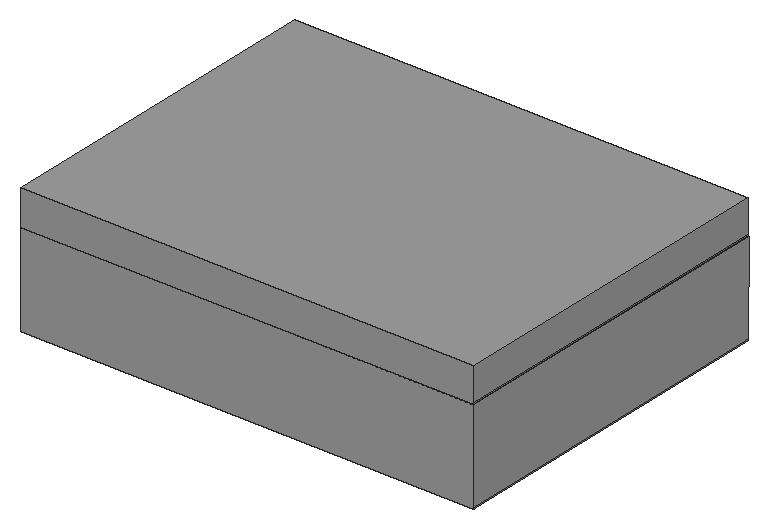
Revit family "Maxlogic Coffrets de téléphone de pompier(4 combinés)", category Fire Alarm Devices, host Face, Revit 2021
Family settings
  Host = Face
  Maintain Annotation Orientation = Yes
  Round Connector Dimension = Use Diameter
  Part Type = Normal
  OmniClass Number = 23.85.30.21
  OmniClass Title = Environmental Detection/Registration
  Cut with Voids When Loaded = No
  Shared = No
  Room Calculation Point = No
Parameters (values of type "Maxlogic Coffrets de téléphone de pompier (4 combinés)")
  Poids = ""
  Boîtier de montage en surface étanche = ""
  Unité de durée de garantie = "Ans"
  Durée de la garantie réservé = "2"
  Durée de la garantie Travail = "2"
  Version = ""
  URL = "https://www.mavili.com.tr/"
  Socle montage de Surlévé = ""
  Numéro de pose des travaux publics = ""
  protection de Classe = ""
  Code de Produit = "ML-5014"
  Numèro de Téléphone = "(+)90 216 466 45 05"
  Voltage de fonctionnement (default) = ""
  voltage fonction d'opération = ""
  Tempèrature de Fonctionnement = "(-10°C) - (+55°C)"
  Largeur Nominale = "111 mm"
  Longeur Nominale = "400 mm"
  Hauteur Nominale = "300 mm"
  Surface de Montage = "Montage à Mur"
  Hauteur de Montage = ""
  Model = "Maxlogic"
  Manufacturer = "Mavili Elektronik Ticaret A.Ş."
  Manuel d'installation = "https://mavilielektronik.com/Revit/ML501X_kk.pdf"
  Sortie d'indicateur = ""
  Téléphone portable de pompier = "ML-5013"
  Numèro de Fax = "(+)90 216 466 45 10"
  Alimentation d'externe = ""
  E-Poste = "mavili@mavili.com.tr"
  Avertissement = ""
  Charger adresse d'appareil = ""
  Description = "Coffrets de téléphone de pompier (4 combinés)"
  Default Elevation = 0 mm
  Current de Consommation = ""
  Coût Unité = ""
  Cost = 0
  Socles Compatible = ""
  Couleur = "Rouge"
  Code de  Performance = ""
  Matériel Principe = "Mètale Rouge"
  Deuxime Matèriel = "Mètale Grise"
  Batterie = ""
  Adresse ligne 1 = "Şerifali Mahallesi Kutup Sokak No:27/1-2-4 Ümraniye TR-34775 İSTANBUL"
Reference planes
  plane 1 "Center (Front/Back)": y = 0
  plane 2: z = 0
  plane 3 "Center (Left/Right)": x = 0
Forms (mm)
  Extrusion 1, solid, material "Kırmızı"
    sketch origin (-210, -150, 148.173) x (1, 0, 0) y (0, 0, -1)
      loop
        line (42.905, 67.3) -> (434.905, 67.3) -> (434.905, 146.904)
        arc (434.905, 146.904) -> (434.545, 147.715) -> (433.785, 148.173) r 1.476
        line (433.785, 148.173) -> (44.505, 148.173)
        arc (44.505, 148.173) -> (43.374, 147.704) -> (42.905, 146.573) r 1.6
        line (42.905, 146.573) -> (42.905, 67.3)
    from 0 to 300
  Extrusion 2, void
    sketch origin (-167.095, -150, 70.872) x (0, 0, 1) y (0, -1, 0)
      loop
        arc (-69.27, -296) -> (-70.403, -295.532) -> (-70.872, -294.4) r 1.6
        line (-70.872, -294.4) -> (-70.872, -300) -> (10, -300) -> (10, -296) -> (-69.27, -296)
    from 0 to 392
  Extrusion 3, void
    sketch origin (-167.095, 146, 25.472) x (0, 0, -1) y (1, 0, 0)
      loop
        line (-13.523, 66.9) -> (-13.523, 68.054)
        arc (-13.523, 68.054) -> (-15, 68.144) -> (-16.477, 68.054) r 12.144
        line (-16.477, 68.054) -> (-16.477, 66.9)
        arc (-16.477, 66.9) -> (-26, 56.025) -> (-16.527, 45.106) r 11
        line (-16.527, 45.106) -> (-16.527, 43.952)
        arc (-16.527, 43.952) -> (-15, 43.856) -> (-13.473, 43.952) r 12.144
        line (-13.473, 43.952) -> (-13.473, 45.106)
        arc (-13.473, 45.106) -> (-4, 56.025) -> (-13.523, 66.9) r 11
    from 0 to 1
  Extrusion 4, void
    sketch origin (-127.095, 146, 25.472) x (0, 0, -1) y (1, 0, 0)
      loop
        line (-13.523, 66.9) -> (-13.523, 68.054)
        arc (-13.523, 68.054) -> (-15, 68.144) -> (-16.477, 68.054) r 12.144
        line (-16.477, 68.054) -> (-16.477, 66.9)
        arc (-16.477, 66.9) -> (-26, 56.025) -> (-16.527, 45.106) r 11
        line (-16.527, 45.106) -> (-16.527, 43.952)
        arc (-16.527, 43.952) -> (-15, 43.856) -> (-13.473, 43.952) r 12.144
        line (-13.473, 43.952) -> (-13.473, 45.106)
        arc (-13.473, 45.106) -> (-4, 56.025) -> (-13.523, 66.9) r 11
    from 0 to 1
  Extrusion 5, void
    sketch origin (-87.095, 146, 25.472) x (0, 0, -1) y (1, 0, 0)
      loop
        line (-13.523, 66.9) -> (-13.523, 68.054)
        arc (-13.523, 68.054) -> (-15, 68.144) -> (-16.477, 68.054) r 12.144
        line (-16.477, 68.054) -> (-16.477, 66.9)
        arc (-16.477, 66.9) -> (-26, 56.025) -> (-16.527, 45.106) r 11
        line (-16.527, 45.106) -> (-16.527, 43.952)
        arc (-16.527, 43.952) -> (-15, 43.856) -> (-13.473, 43.952) r 12.144
        line (-13.473, 43.952) -> (-13.473, 45.106)
        arc (-13.473, 45.106) -> (-4, 56.025) -> (-13.523, 66.9) r 11
    from 0 to 1
  Extrusion 6, void
    sketch origin (-47.095, 146, 25.472) x (0, 0, -1) y (1, 0, 0)
      loop
        line (-13.523, 66.9) -> (-13.523, 68.054)
        arc (-13.523, 68.054) -> (-15, 68.144) -> (-16.477, 68.054) r 12.144
        line (-16.477, 68.054) -> (-16.477, 66.9)
        arc (-16.477, 66.9) -> (-26, 56.025) -> (-16.527, 45.106) r 11
        line (-16.527, 45.106) -> (-16.527, 43.952)
        arc (-16.527, 43.952) -> (-15, 43.856) -> (-13.473, 43.952) r 12.144
        line (-13.473, 43.952) -> (-13.473, 45.106)
        arc (-13.473, 45.106) -> (-4, 56.025) -> (-13.523, 66.9) r 11
    from 0 to 1
  Extrusion 7, void
    sketch origin (-7.095, 146, 25.472) x (0, 0, -1) y (1, 0, 0)
      loop
        line (-13.523, 66.9) -> (-13.523, 68.054)
        arc (-13.523, 68.054) -> (-15, 68.144) -> (-16.477, 68.054) r 12.144
        line (-16.477, 68.054) -> (-16.477, 66.9)
        arc (-16.477, 66.9) -> (-26, 56.025) -> (-16.527, 45.106) r 11
        line (-16.527, 45.106) -> (-16.527, 43.952)
        arc (-16.527, 43.952) -> (-15, 43.856) -> (-13.473, 43.952) r 12.144
        line (-13.473, 43.952) -> (-13.473, 45.106)
        arc (-13.473, 45.106) -> (-4, 56.025) -> (-13.523, 66.9) r 11
    from 0 to 1
  Extrusion 8, void
    sketch origin (32.905, 146, 25.472) x (0, 0, -1) y (1, 0, 0)
      loop
        line (-13.523, 66.9) -> (-13.523, 68.054)
        arc (-13.523, 68.054) -> (-15, 68.144) -> (-16.477, 68.054) r 12.144
        line (-16.477, 68.054) -> (-16.477, 66.9)
        arc (-16.477, 66.9) -> (-26, 56.025) -> (-16.527, 45.106) r 11
        line (-16.527, 45.106) -> (-16.527, 43.952)
        arc (-16.527, 43.952) -> (-15, 43.856) -> (-13.473, 43.952) r 12.144
        line (-13.473, 43.952) -> (-13.473, 45.106)
        arc (-13.473, 45.106) -> (-4, 56.025) -> (-13.523, 66.9) r 11
    from 0 to 1
  Extrusion 9, void
    sketch origin (72.905, 146, 25.472) x (0, 0, -1) y (1, 0, 0)
      loop
        line (-13.523, 66.9) -> (-13.523, 68.054)
        arc (-13.523, 68.054) -> (-15, 68.144) -> (-16.477, 68.054) r 12.144
        line (-16.477, 68.054) -> (-16.477, 66.9)
        arc (-16.477, 66.9) -> (-26, 56.025) -> (-16.527, 45.106) r 11
        line (-16.527, 45.106) -> (-16.527, 43.952)
        arc (-16.527, 43.952) -> (-15, 43.856) -> (-13.473, 43.952) r 12.144
        line (-13.473, 43.952) -> (-13.473, 45.106)
        arc (-13.473, 45.106) -> (-4, 56.025) -> (-13.523, 66.9) r 11
    from 0 to 1
  Extrusion 10, void
    sketch origin (112.905, 146, 25.472) x (0, 0, -1) y (1, 0, 0)
      loop
        line (-13.523, 66.9) -> (-13.523, 68.054)
        arc (-13.523, 68.054) -> (-15, 68.144) -> (-16.477, 68.054) r 12.144
        line (-16.477, 68.054) -> (-16.477, 66.9)
        arc (-16.477, 66.9) -> (-26, 56.025) -> (-16.527, 45.106) r 11
        line (-16.527, 45.106) -> (-16.527, 43.952)
        arc (-16.527, 43.952) -> (-15, 43.856) -> (-13.473, 43.952) r 12.144
        line (-13.473, 43.952) -> (-13.473, 45.106)
        arc (-13.473, 45.106) -> (-4, 56.025) -> (-13.523, 66.9) r 11
    from 0 to 1
  Extrusion 11, solid, material "Kırmızı"
    sketch origin (-210, -150, 229.045) x (1, 0, 0) y (0, 0, -1)
      loop
        line (42.905, 118.173) -> (434.905, 118.173) -> (434.905, 146.904)
        arc (434.905, 146.904) -> (434.545, 147.715) -> (433.785, 148.173) r 1.476
        line (433.785, 148.173) -> (44.505, 148.173)
        arc (44.505, 148.173) -> (43.374, 147.704) -> (42.905, 146.573) r 1.6
        line (42.905, 146.573) -> (42.905, 118.173)
    from 0 to 296
Cuts and joins
  Extrusion 2, Extrusion 3, Extrusion 4, Extrusion 5, Extrusion 6, Extrusion 7, Extrusion 8, Extrusion 9, Extrusion 10 cuts Extrusion 1
Lines and regions (mm)
  model lines
    curve 1: line (-104.518, 98.365, 110.872) -> (-97.048, 45.21, 110.872)
    curve 2: arc (-97.048, 45.21, 110.872) -> (-96.326, 43.934, 110.872) -> (-94.927, 43.493, 110.872) r 2
    curve 3: line (-94.927, 43.493, 110.872) -> (-80.721, 44.237, 110.872)
    curve 4: line (-80.721, 44.237, 110.872) -> (-79.956, 45.118, 110.872)
    curve 5: line (-79.956, 45.118, 110.872) -> (-88.109, 103.755, 110.872)
    curve 6: line (-88.109, 103.755, 110.872) -> (-89.21, 104.444, 110.872)
    curve 7: line (-89.21, 104.444, 110.872) -> (-103.015, 101.257, 110.872)
    curve 8: arc (-87.353, 104.848, 110.872) -> (-70.145, 100.427, 110.872) -> (-55.715, 90.062, 110.872) r 48.106
    curve 9: arc (-55.715, 90.062, 110.872) -> (-54.068, 88.571, 110.872) -> (-52.223, 87.334, 110.872) r 15.288
    curve 10: arc (-52.223, 87.334, 110.872) -> (-51.32, 86.148, 110.872) -> (-50.697, 84.795, 110.872) r 6.789
    curve 11: arc (-50.697, 84.795, 110.872) -> (-39.593, 46.395, 110.872) -> (-34.971, 6.69, 110.872) r 241.633
    curve 12: arc (-34.971, 6.69, 110.872) -> (-36.259, -26.658, 110.872) -> (-42.298, -59.48, 110.872) r 233.014
    curve 13: arc (-42.298, -59.48, 110.872) -> (-44.678, -67.996, 110.872) -> (-47.38, -76.415, 110.872) r 233.014
    curve 14: arc (-47.38, -76.415, 110.872) -> (-49.036, -81.167, 110.872) -> (-50.745, -85.9, 110.872) r 440.05
    curve 15: arc (-50.745, -85.9, 110.872) -> (-51.367, -87.259, 110.872) -> (-52.19, -88.506, 110.872) r 9.729
    curve 16: arc (-52.19, -88.506, 110.872) -> (-57.28, -92.218, 110.872) -> (-62.113, -96.259, 110.872) r 95.329
    curve 17: arc (-62.113, -96.259, 110.872) -> (-69.848, -100.62, 110.872) -> (-77.922, -104.314, 110.872) r 105.417
    curve 18: arc (-77.922, -104.314, 110.872) -> (-82.663, -105.227, 110.872) -> (-87.455, -105.824, 110.872) r 72.671
    curve 19: line (-87.455, -105.824, 110.872) -> (-78.999, -45.66, 110.872)
    curve 20: arc (-78.999, -45.66, 110.872) -> (-75.51, -45.786, 110.872) -> (-72.322, -44.362, 110.872) r 7.722
    curve 21: arc (-62.457, -36.087, 110.872) -> (-58.56, -31.058, 110.872) -> (-57.095, -24.867, 110.872) r 15.014
    curve 22: arc (-57.095, 20.133, 110.872) -> (-58.184, 26.204, 110.872) -> (-61.618, 31.328, 110.872) r 15.047
    curve 23: arc (-61.618, 31.328, 110.872) -> (-67.633, 37.275, 110.872) -> (-73.58, 43.29, 110.872) r 742.949
    curve 24: arc (-73.58, 43.29, 110.872) -> (-76.097, 44.646, 110.872) -> (-78.938, 44.331, 110.872) r 4.8
    curve 25: arc (-104.518, 98.365, 110.872) -> (-104.13, 100.19, 110.872) -> (-102.66, 101.339, 110.872) r 2.728
    curve 26: line (-87.353, 104.848, 110.872) -> (-78.938, 44.331, 110.872)
    curve 27: line (-57.095, 20.133, 110.872) -> (-57.095, -24.867, 110.872)
    curve 28: arc (-72.322, -44.362, 110.872) -> (-67.286, -40.348, 110.872) -> (-62.457, -36.087, 110.872) r 129.022
    curve 29: line (-97.048, -46.334, 110.872) -> (-104.61, -100.14, 110.872)
    curve 30: arc (-104.61, -100.14, 110.872) -> (-104.267, -101.566, 110.872) -> (-103.045, -102.375, 110.872) r 2
    curve 31: arc (-103.045, -102.375, 110.872) -> (-96.081, -103.919, 110.872) -> (-89.146, -105.584, 110.872) r 408.665
    curve 32: arc (-89.146, -105.584, 110.872) -> (-88.616, -105.194, 110.872) -> (-88.095, -104.792, 110.872) r 27.812
    curve 33: arc (-94.956, -44.609, 110.872) -> (-96.337, -45.065, 110.872) -> (-97.048, -46.334, 110.872) r 2.007
    curve 34: line (-88.095, -104.792, 110.872) -> (-79.889, -46.404, 110.872)
    curve 35: arc (-80.758, -45.35, 110.872) -> (-80.092, -45.686, 110.872) -> (-79.889, -46.404, 110.872) r 0.926
    curve 36: line (-94.956, -44.609, 110.872) -> (-80.758, -45.35, 110.872)
    curve 37: line (179.285, 8, 110.872) -> (179.285, -62, 110.872)
    curve 38: line (179.285, -62, 110.872) -> (209.285, -62, 110.872)
    curve 39: line (209.285, 8, 110.872) -> (209.285, -62, 110.872)
    curve 40: line (179.285, 8, 110.872) -> (209.285, 8, 110.872)
Dimensions and locks
  aligned and locked: plane 2 to host face
  aligned and locked: level to host face
  aligned and locked: Extrusion 1 to Extrusion 2
